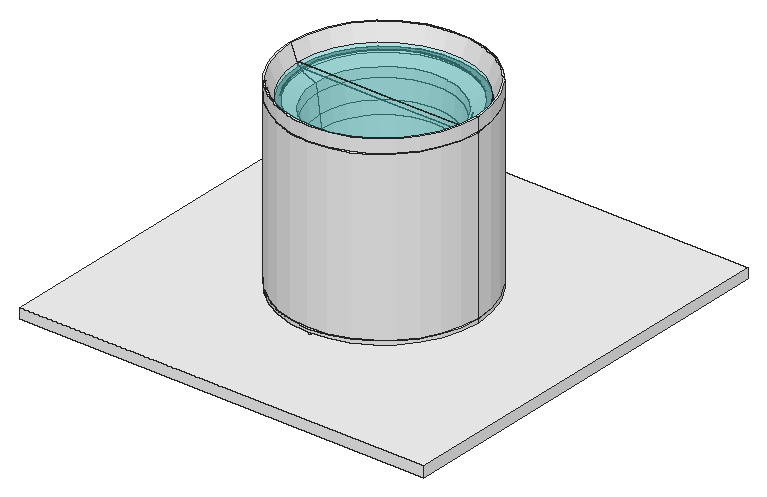
Revit family "BE_24624_de_DE", category Lighting Fixtures, host Face, Revit 2017
Family settings
  Host = Face
  Round Connector Dimension = Use Diameter
  Part Type = Normal
  Cut with Voids When Loaded = Yes
  Light Source = Yes
  Shared = No
  Room Calculation Point = Yes
Parameters (values of type "BEGA_24624_Weiß_K4")
  built-in parameter 1150104 = 17.176 (stored number, unit not read)
  Wattage = 17.2 W
  Default Elevation = 0 mm
  built-in parameter 1150113 = 1 (stored number, unit not read)
  built-in parameter 1114218 = 1 (stored number, unit not read)
  Umgebungstemperatur = "25 °C"
  URL = "https://www.bega.com/de/produkt/24624"
  Type Comments = "© 2021 BEGA. Wir behalten uns das Recht vor, technische Änderungen ohne vorherige Ankündigung vorzunehmen."  # constant formula
  built-in parameter 1150134 = 12
  built-in parameter 1150109 = 1 (stored number, unit not read)
  Strom = ""
  built-in parameter 1150110 = 1 (stored number, unit not read)
  Spannung = 239.996 V
  Sonderanfertigung = no
  Seriennummer [instance] = "Hier können Sie die eindeutige Seriennummer für das Facility Management eintragen."
  Schutzklasse = "I"
  Schutzart = "IP 65"
  Apparent Load = 0 VA
  Produktdatenblatt = "http://www.bega.de/download/Xrfa/db/24624.db.de.pdf"
  Oberflächentemperatur = ""
  Tilt Angle = 0.00°
  Model = "24624WK4"
  Material_18 = BEGA_Gummi_schwarz
  Material_17 = BEGA_Reflektor
  Material_15 = BEGA_Leuchtmedium_matt
  Material_13 = BEGA_Kunststoff_matt
  Material_09 = BEGA_Glas_klar
  Material_06 = BEGA_Oberfläche_Edelstahl_gebürstet
  Material_03 = BEGA_Oberfläche_Weiss_matt
  Material_01 [instance] = BEGA_Oberfläche_Grafit_matt
  M_W = yes
  M_G = no
  M_A = no
  Logo = 0
  built-in parameter 1114217 = 1 (stored number, unit not read)
  built-in parameter 1150139 = (empty or 0)
  built-in parameter 1150105 = 253.05 (stored number, unit not read)
  built-in parameter 1150114 = 1 (stored number, unit not read)
  Lumens = 3179.94 lm
  built-in parameter 1150115 = 1 (stored number, unit not read)
  Leuchtenlichtstrom = "2262 lm"
  Leuchtenanzahl = ""
  Lebensdauerkriterien = "L70B50 @ 25 °C = 200000 h"
  Lastklassifizierung = Beleuchtung
  built-in parameter 1150112 = 1 (stored number, unit not read)
  Lampenlichtstrom = "3180 lm"
  Lamp = "LED 17.2 W"
  LED_Modulbezeichnung = "LED-0785/840"
  built-in parameter 1150142 = (empty or 0)
  Manufacturer = "BEGA"  # constant formula
  Halbstreuwinkel = ""
  Gewicht = "2.65 kg"
  Gebrauchslageneinschränkung [instance] = ""
  Frequenz = "0/50-60 Hz"
  Farbwiedergabeindex = "CRI > 80"
  Dimming Lamp Color Temperature Shift = <None>
  Farbtemperatur = "4000 K"
  Color Filter = 16777215
  built-in parameter 1150133 = 10 (stored number, unit not read)
  Energieeffizienzklasse = "LED A++ - A"
  built-in parameter 1150137 = (empty or 0)
  built-in parameter 1150132 = (empty or 0)
  ENEC = ""
  Dimmbar [instance] = "DALI"
  Photometric Web File = "BE_24624K4.IES"
  CE_Konformität = "ja"
  Bestellnummer = "24624WK4"
  Beschreibung_Sonderanfertigung = "Hier können Sie Informationen zur Sonderanfertigung eintragen."
  Description = "Deckenaufbau-Tiefstrahler"
  built-in parameter 1150106 = 2.5305 (stored number, unit not read)
  Befestigungsbohrung = "Ø 4,3 mm"
  Befestigungsabstand = "160 mm"
  Ballwurfsicher = ""
  BEGA_Intern_aus = yes
  BEGA_Intern_an = yes
  BEGA_Intern_Konstruktion = yes
  BEGA_Intern = yes
  BEGA_IES = yes
  BEGA_Dummy = no
  Anschlussleitung = ""
  Anschlussleistung [instance] = "18.8 W"
  built-in parameter 1150107 = 4000 (stored number, unit not read)
  built-in parameter 1150102 = (empty or 0)
  built-in parameter 1150138 = (empty or 0)
  Aktualisierung = "2021-07-13T04:00:13"
  Abstand_zur_angestrahlten_Fläche [instance] = ""
  AC/DC = "AC/DC"
Types (4, lengths in mm): name | built-in parameter 1150104 | built-in parameter 1150134 | Model | M_W | M_G | built-in parameter 1150105 | Lumens | Leuchtenlichtstrom | Lampenlichtstrom | LED_Modulbezeichnung | Farbtemperatur | Photometric Web File | Bestellnummer | built-in parameter 1150106 | built-in parameter 1150107
  BEGA_24624_Weiß_K4 | 17.176 (stored number, unit not read) | 12 | "24624WK4" | yes | no | 253.05 (stored number, unit not read) | 3179.94 lm | "2262 lm" | "3180 lm" | "LED-0785/840" | "4000 K" | "BE_24624K4.IES" | "24624WK4" | 2.5305 (stored number, unit not read) | 4000 (stored number, unit not read)
  BEGA_24624_Grafit_K4 | 17.176 (stored number, unit not read) | 12 | "24624K4" | no | yes | 253.05 (stored number, unit not read) | 3179.94 lm | "2262 lm" | "3180 lm" | "LED-0785/840" | "4000 K" | "BE_24624K4.IES" | "24624K4" | 2.5305 (stored number, unit not read) | 4000 (stored number, unit not read)
  BEGA_24624_Weiß_K3 | 16.744 (stored number, unit not read) | (empty or 0) | "24624WK3" | yes | no | 246.69 (stored number, unit not read) | 3099.96 lm | "2205 lm" | "3100 lm" | "LED-0785/830" | "3000 K" | "BE_24624K3.IES" | "24624WK3" | 2.4669 (stored number, unit not read) | 3000 (stored number, unit not read)
  BEGA_24624_Grafit_K3 | 16.744 (stored number, unit not read) | (empty or 0) | "24624K3" | no | yes | 246.69 (stored number, unit not read) | 3099.96 lm | "2205 lm" | "3100 lm" | "LED-0785/830" | "3000 K" | "BE_24624K3.IES" | "24624K3" | 2.4669 (stored number, unit not read) | 3000 (stored number, unit not read)
Reference planes
  plane 1 "Mitte (Vorne/Hinten)": y = 0
  plane 2: z = 0
  plane 3 "Mitte (Links/Rechts)": x = 0
  plane 4 "Links": x = -93.494
  plane 5 "Rechts": x = 93.51
  plane 6 "Unten": y = -93.509
  plane 7 "Oben": y = 93.496
  plane 8 "Vorne": z = 184.4
  plane 9 "Hinten": z = 0
Forms (mm)
  Extrusion 1, solid, material "BEGA_Platte_Weiss"
    sketch origin (0, -1119.2, 0) x (1, 0, 0) y (0, 1, 0)
      loop
        line (-200, 1319.2) -> (-200, 919.2) -> (200, 919.2) -> (200, 1319.2) -> (-200, 1319.2)
    from 0 to -10
  Extrusion 2, solid, material "BEGA_Dummy_matt", visible <- "BEGA_Dummy"
    sketch origin (77.149, -76.023, 0) x (1, 0, 0) y (0, 1, 0)
      loop
        circle (-77.149, 76.023) r 93.555
    from 0 to 184.4
Dimensions and locks
  plane 1 "Mitte (Vorne/Hinten)" to Extrusion 1 = 200 mm
  aligned and locked: Extrusion 1 to plane 2
  aligned and locked: level to Extrusion 1
Nested families
  nested 1: "BE_24624" at (0, -30.348, 0), type "BE_24624"
Connectors
  electrical at (0, 0, 0), driven by "Lastklassifizierung", driven by "Spannung", driven by "Apparent Load"
    settings: index 1, voltage 239.996 V, apparent load 0 VA, apparent load phase1 0 VA, apparent load phase2 0 VA, apparent load phase3 0 VA, power factor 1, load classification "Beleuchtung", number of poles 1, system type 31, power factor state 1, is connector primary yes, connector utility no, sub classification motor no, connector description ""
Definition of nested family "BE_24624"
  Parameters (values of type "BE_24624")
    Material_18 = none
    Default Elevation = 1 mm
    URL = "http://www.bega.de/de/produkt"
    Type Comments = "© 2015 BEGA. Wir behalten uns das Recht vor, technische Änderungen ohne vorherige Ankündigung vorzunehmen. "  # constant formula
    Type Image = (empty or 0)
    Neigungswinkel_um_Z2 = 0.00°
    Neigungswinkel_um_Z1 = 0.00°
    Neigungswinkel_um_Y2 = 0.00°
    Neigungswinkel_um_Y1 = 0.00°
    Neigungswinkel_um_X2 = 0.00°
    Neigungswinkel_um_X1 = 0.00°
    Material_17 = none
    Material_15 = none
    Material_13 = none
    Material_11 = none
    Material_09 = none
    Material_06 = none
    Material_03 = none
    Material_02 = none
    Material_01 = none
    M_W = no
    M_G = yes
    M_A = no
    Länge_Platte = 200 mm  # constant formula
    Höhe_Platte = -10 mm  # constant formula
    Manufacturer = "BEGA"  # constant formula
    Drehwinkel_um_Z2 = 0.00°
    Drehwinkel_um_Z1 = 0.00°
    Breite_Platte = 200 mm  # constant formula
  Reference planes
    plane 1 "Mitte (Oben/Unten)": y = 30.348
    plane 2: z = 0
    plane 3 "Mitte (Links/Rechts)": x = 0
    plane 4 "Hinten": z = 0
    plane 5 "Links": x = -93.494
    plane 6 "Rechts": x = 93.51
    plane 7 "Unten": y = -63.161
    plane 8: z = 184.4
    plane 9: y = 123.844
  Forms (mm)
    Extrusion 1, solid, detail levels medium
      sketch origin (0, 0, 0) x (1, 0, 0) y (0, 1, 0)
        loop
          line (-100, 130.348) -> (-100, -69.652) -> (100, -69.652) -> (100, 130.348) -> (-100, 130.348)
      from 0 to -10 <- "Höhe_Platte"
    Revolve 2, solid, material <- "Material_01", visible <- "M_G"
      sketch origin (0, 30.348, 0) x (1, 0, 0) y (0, 0, 1)
        loop
          line (-93.5, 184.4) -> (-93.5, 171.4) -> (-90.5, 171.4) -> (-90.5, 157.9) -> (-86.309, 157.9) -> (-86.309, 163.4) -> (-81, 163.4) -> (-81, 165.9) -> (-84.806, 165.9) -> (-92, 184.4) -> (-93.5, 184.4)
        axis (0, 184.4) -> (0, 157.9)
      angle from 0 to 360
    Revolve 3, solid, material <- "Material_09"
      sketch origin (0, 30.348, 0) x (1, 0, 0) y (0, 0, 1)
        loop
          line (-84.5, 170) -> (-84.5, 165.9) -> (0, 165.9) -> (0, 170) -> (-84.5, 170)
        axis (0, 170) -> (0, 165.9)
      angle from 0 to 360
    Revolve 4, solid, material <- "Material_17"
      sketch origin (0, 30.348, 0) x (1, 0, 0) y (0, 0, 1)
        loop
          line (-67.298, 158.081) -> (-81.5, 163.25) -> (-84.993, 163.25) -> (-84.993, 161.45) -> (-81.5, 161.45) -> (-68.952, 156.883) -> (-65.975, 135.054) -> (-64.388, 123.512)
          arc (-64.388, 123.512) -> (-61.788, 104.602) -> (-58.436, 85.811) r 478.951
          arc (-58.436, 85.811) -> (-56.044, 81.798) -> (-52.313, 78.984) r 12.149
          arc (-52.313, 78.984) -> (-46.14, 76.318) -> (-39.854, 73.925) r 152.874
          line (-39.854, 73.925) -> (-33.098, 73.452) -> (-29.03, 73.452) -> (-29.03, 75.254) -> (-33.052, 75.254) -> (-39.457, 75.702)
          arc (-39.457, 75.702) -> (-45.725, 78.152) -> (-51.819, 81.006) r 103.102
          arc (-51.819, 81.006) -> (-56.463, 86.082) -> (-56.637, 92.96) r 9.82
          arc (-56.637, 92.96) -> (-59.551, 105.872) -> (-61.93, 118.894) r 320.512
          line (-61.93, 118.894) -> (-63.611, 131.069) -> (-66.107, 149.331) -> (-67.298, 158.081)
        axis (0, 163.25) -> (0, 73.452)
      angle from 0 to 360
    Revolve 5, solid, material <- "Material_13"
      sketch origin (0, 30.348, 0) x (1, 0, 0) y (0, 0, 1)
        loop
          line (-30, 101.169) -> (-30.905, 75.25) -> (-28, 75.25) -> (-27.162, 99.25) -> (0, 99.25) -> (0, 103.646) -> (-2.845, 103.646) -> (-4.195, 103.562) -> (-27.008, 101.749) -> (-30, 101.169)
        axis (0, 103.646) -> (0, 75.25)
      angle from 0 to 360
    Revolve 6, solid, material <- "Material_01", visible <- "M_G"
      sketch origin (0, 30.348, 0) x (1, 0, 0) y (0, 0, 1)
        loop
          line (-93.5, 170.4) -> (-93.5, 6) -> (-91.5, 6) -> (-91.5, 170.4) -> (-93.5, 170.4)
        axis (0, 170.4) -> (0, 6)
      angle from 0 to 360
    Revolve 7, solid, material <- "Material_01", visible <- "M_G"
      sketch origin (-80, 30.348, 0) x (1, 0, 0) y (0, 0, 1)
        loop
          line (-7.948, 20) -> (-7.25, 0) -> (0, 0) -> (0, 20) -> (-7.948, 20)
        axis (0, 20) -> (0, 0)
      angle from 0 to 360
    Revolve 8, solid, material <- "Material_01", visible <- "M_G"
      sketch origin (80, 30.348, 0) x (1, 0, 0) y (0, 0, 1)
        loop
          line (-7.948, 20) -> (-7.25, 0) -> (0, 0) -> (0, 20) -> (-7.948, 20)
        axis (0, 20) -> (0, 0)
      angle from 0 to 360
    Revolve 9, void
      sketch origin (-80, 30.348, 0) x (1, 0, 0) y (0, 0, 1)
        loop
          line (0, 50) -> (-2.441, 50) -> (-2.441, -6.32) -> (0, -6.32) -> (0, 50)
        axis (0, 50) -> (0, -6.32)
      angle from 0 to 360
    Revolve 10, void
      sketch origin (80, 30.348, 0) x (1, 0, 0) y (0, 0, 1)
        loop
          line (0, 50.705) -> (0, -12.616) -> (2.373, -12.616) -> (2.373, 50.705) -> (0, 50.705)
        axis (0, 50.705) -> (0, -12.616)
      angle from 0 to 360
    Revolve 11, solid, material <- "Material_03", visible <- "M_W"
      sketch origin (0, 30.348, 0) x (1, 0, 0) y (0, 0, 1)
        loop
          line (-93.5, 184.4) -> (-93.5, 171.4) -> (-90.5, 171.4) -> (-90.5, 157.9) -> (-86.309, 157.9) -> (-86.309, 163.4) -> (-81, 163.4) -> (-81, 165.9) -> (-84.806, 165.9) -> (-92, 184.4) -> (-93.5, 184.4)
        axis (0, 184.4) -> (0, 157.9)
      angle from 0 to 360
    Revolve 12, solid, material <- "Material_03", visible <- "M_W"
      sketch origin (0, 30.348, 0) x (1, 0, 0) y (0, 0, 1)
        loop
          line (-93.5, 170.4) -> (-93.5, 6) -> (-91.5, 6) -> (-91.5, 170.4) -> (-93.5, 170.4)
        axis (0, 170.4) -> (0, 6)
      angle from 0 to 360
    Revolve 13, solid, material <- "Material_03", visible <- "M_W"
      sketch origin (0, 30.348, 0) x (1, 0, 0) y (0, 0, 1)
        loop
          line (-93.5, 5) -> (-93.5, 2) -> (-87.096, 2) -> (-87.096, 20) -> (0, 20) -> (0, 23) -> (-90.5, 23) -> (-90.5, 5) -> (-93.5, 5)
        axis (0, 23) -> (0, 2)
      angle from 0 to 360
    Revolve 14, solid, material <- "Material_03", visible <- "M_W"
      sketch origin (-80, 30.348, 0) x (1, 0, 0) y (0, 0, 1)
        loop
          line (-7.948, 20) -> (-7.25, 0) -> (0, 0) -> (0, 20) -> (-7.948, 20)
        axis (0, 20) -> (0, 0)
      angle from 0 to 360
    Revolve 15, solid, material <- "Material_03", visible <- "M_W"
      sketch origin (80, 30.348, 0) x (1, 0, 0) y (0, 0, 1)
        loop
          line (-7.948, 20) -> (-7.25, 0) -> (0, 0) -> (0, 20) -> (-7.948, 20)
        axis (0, 20) -> (0, 0)
      angle from 0 to 360
    Revolve 16, solid, material <- "Material_01", visible <- "M_G"
      sketch origin (0, 30.348, 0) x (0, -1, 0) y (0, 0, 1)
        loop
          line (-90.5, 0) -> (-90.5, 1.978) -> (-92.284, 1.978) -> (-92.284, 0) -> (-90.5, 0)
        axis (-90.5, 0) -> (-90.5, 1.978)
      angle from 0 to 360
    Revolve 17, solid, material <- "Material_01", visible <- "M_G"
      sketch origin (0, -1.467, -0.001) x (0, 1, 0) y (0, 0, -1)
        loop
          line (-58.661, 0) -> (-60.445, 0) -> (-60.445, -1.978) -> (-58.661, -1.978) -> (-58.661, 0)
        axis (-58.661, 0) -> (-58.661, -1.978)
      angle from 0 to 360
    Revolve 18, solid, material <- "Material_01", visible <- "M_G"
      sketch origin (0, 30.348, 0) x (1, 0, 0) y (0, 0, 1)
        loop
          line (-93.5, 5) -> (-93.5, 2) -> (-87.096, 2) -> (-87.096, 20) -> (0, 20) -> (0, 23) -> (-90.5, 23) -> (-90.5, 5) -> (-93.5, 5)
        axis (0, 23) -> (0, 2)
      angle from 0 to 360
    Revolve 19, solid, material <- "Material_03", visible <- "M_W"
      sketch origin (0, -1.471, 0.011) x (0, 1, 0) y (0, 0, -1)
        loop
          line (-58.661, 0) -> (-60.445, 0) -> (-60.445, -1.978) -> (-58.661, -1.978) -> (-58.661, 0)
        axis (-58.661, 0) -> (-58.661, -1.978)
      angle from 0 to 360
    Revolve 20, solid, material <- "Material_03", visible <- "M_W"
      sketch origin (0, 30.348, 0) x (0, -1, 0) y (0, 0, 1)
        loop
          line (-90.5, -0.045) -> (-90.5, 1.978) -> (-92.284, 1.978) -> (-92.284, -0.045) -> (-90.5, -0.045)
        axis (-90.5, -0.045) -> (-90.5, 1.978)
      angle from 0 to 360
    Extrusion 21, solid, material <- "Material_18"
      sketch origin (0, 0, 0) x (1, 0, 0) y (0, 1, 0)
        loop
          circle (20, 95.348) r 9.944
        loop
          circle (-20, 95.348) r 9.944
      from 18.853 to 26.971
    Revolve 22, solid, material <- "Material_01"
      sketch origin (0, 30.348, 0) x (1, 0, 0) y (0, 0, 1)
        loop
          line (-84.5, 165.9) -> (-79.956, 165.9) -> (-79.956, 166.7) -> (-84.5, 166.7) -> (-84.5, 165.9)
        axis (0, 166.7) -> (0, 165.7)
      angle from 0 to 360
  Cuts and joins
    Revolve 9 cuts Revolve 7
    Revolve 10 cuts Revolve 8
    Revolve 9 cuts Revolve 14
    Revolve 10 cuts Revolve 15
    Revolve 9, Revolve 10 cuts Revolve 18
    Revolve 9 cuts Revolve 13
  Dimensions and locks
    equal spacing: Extrusion 1 sketch curve, plane 3 "Mitte (Links/Rechts)", Extrusion 1 sketch curve
    equal spacing: Extrusion 1 sketch curve, plane 1 "Mitte (Oben/Unten)", Extrusion 1 sketch curve
    "Länge_Platte": Extrusion 1 sketch curve to Extrusion 1 sketch curve
    "Breite_Platte": Extrusion 1 sketch curve to Extrusion 1 sketch curve
    aligned and locked: Extrusion 1 to plane 2
    aligned and locked: level to Extrusion 1
  Automatic sketch dimensions
    Revolve 2 sketch curve to plane 8 = 0 mm
    plane 3 "Mitte (Links/Rechts)" to Revolve 2 sketch curve = 0 mm
    plane 5 "Links" to Revolve 2 sketch curve = 12.494 mm
    Revolve 2 sketch curve to Revolve 2 sketch curve = 3.806 mm
    Revolve 2 sketch curve to Revolve 2 sketch curve = 1.504 mm
    plane 5 "Links" to Revolve 2 sketch curve = 2.994 mm
    plane 5 "Links" to Revolve 2 sketch curve = 1.494 mm
    Revolve 2 sketch curve to plane 5 "Links" = 0.006 mm
    Revolve 2 sketch curve to plane 8 = 13 mm
    Revolve 2 sketch curve to Revolve 2 sketch curve = 5.5 mm  (x2)
    Revolve 2 sketch curve to Revolve 2 sketch curve = 2.5 mm
    Revolve 2 sketch curve to level = 174.158 mm
    plane 8 to Revolve 2 sketch curve = 221.032 mm
    Revolve 3 sketch curve to plane 3 "Mitte (Links/Rechts)" = 0 mm  (x2)
    plane 5 "Links" to Revolve 3 sketch curve = 8.994 mm
    Revolve 3 sketch curve to plane 8 = 18.5 mm
    Revolve 3 sketch curve to Revolve 3 sketch curve = 4.1 mm
    Revolve 3 sketch curve to level = 174.158 mm
    plane 8 to Revolve 3 sketch curve = 221.032 mm
    plane 3 "Mitte (Links/Rechts)" to Revolve 4 sketch curve = 0 mm
    Revolve 4 sketch curve to plane 3 "Mitte (Links/Rechts)" = 5.07 mm
    Revolve 4 sketch curve to plane 3 "Mitte (Links/Rechts)" = 29.03 mm
    Revolve 4 sketch curve to Revolve 4 sketch curve = 4.022 mm
    Revolve 4 sketch curve to Revolve 4 sketch curve = 0.045 mm
    Revolve 4 sketch curve to Revolve 4 sketch curve = 6.405 mm
    Revolve 4 sketch curve to Revolve 4 sketch curve = 0.397 mm
    Revolve 4 sketch curve to Revolve 4 sketch curve = 7.542 mm
    Revolve 4 sketch curve to Revolve 4 sketch curve = 0.356 mm
    plane 5 "Links" to Revolve 4 sketch curve = 31.563 mm
    Revolve 4 sketch curve to Revolve 4 sketch curve = 2.458 mm
    plane 5 "Links" to Revolve 4 sketch curve = 26.196 mm
    Revolve 4 sketch curve to Revolve 4 sketch curve = 1.654 mm
    plane 5 "Links" to Revolve 4 sketch curve = 11.994 mm
    Revolve 4 sketch curve to Revolve 4 sketch curve = 0 mm  (x7)
    Revolve 4 sketch curve to Revolve 4 sketch curve = 3.493 mm
    plane 3 "Mitte (Links/Rechts)" to Revolve 4 sketch curve = 11.377 mm
    Revolve 4 sketch curve to plane 8 = 14.433 mm
    plane 6 "Rechts" to Revolve 4 sketch curve = 160.976 mm
    Revolve 4 sketch curve to plane 8 = 5.118 mm
    Revolve 4 sketch curve to Revolve 4 sketch curve = 156.819 mm
    Revolve 4 sketch curve to plane 8 = 21.15 mm
    Revolve 4 sketch curve to Revolve 4 sketch curve = 1.8 mm
    Revolve 4 sketch curve to Revolve 4 sketch curve = 3.369 mm
    Revolve 4 sketch curve to Revolve 4 sketch curve = 1.198 mm
    Revolve 4 sketch curve to Revolve 4 sketch curve = 33.371 mm
    Revolve 4 sketch curve to Revolve 4 sketch curve = 4.618 mm
    Revolve 4 sketch curve to Revolve 4 sketch curve = 28.984 mm
    Revolve 4 sketch curve to Revolve 4 sketch curve = 0.157 mm
    Revolve 4 sketch curve to Revolve 4 sketch curve = 14.208 mm
    Revolve 4 sketch curve to Revolve 4 sketch curve = 0.448 mm
    Revolve 4 sketch curve to Revolve 4 sketch curve = 1.777 mm
    Revolve 4 sketch curve to Revolve 4 sketch curve = 1.801 mm
    Revolve 4 sketch curve to plane 8 = 11.5 mm
    plane 8 to Revolve 4 sketch curve = 33.558 mm
    Revolve 4 sketch curve to Revolve 4 sketch curve = 4.464 mm
    Revolve 4 sketch curve to Revolve 4 sketch curve = 0.495 mm
    Revolve 4 sketch curve to Revolve 4 sketch curve = 0.776 mm
    Revolve 4 sketch curve to Revolve 4 sketch curve = 2.363 mm
    Revolve 4 sketch curve to Revolve 4 sketch curve = 2.844 mm
    Revolve 4 sketch curve to Revolve 4 sketch curve = 7.552 mm
    Revolve 4 sketch curve to Revolve 4 sketch curve = 11.542 mm
    Revolve 4 sketch curve to Revolve 4 sketch curve = 3.985 mm
    Revolve 4 sketch curve to level = 174.158 mm
    Revolve 4 sketch curve to Revolve 4 sketch curve = 192.155 mm
    Revolve 5 sketch curve to plane 3 "Mitte (Links/Rechts)" = 0 mm  (x2)
    Revolve 5 sketch curve to Revolve 5 sketch curve = 2.845 mm
    Revolve 5 sketch curve to Revolve 5 sketch curve = 1.35 mm
    Revolve 5 sketch curve to Revolve 5 sketch curve = 22.813 mm
    Revolve 5 sketch curve to Revolve 5 sketch curve = 0.154 mm
    Revolve 5 sketch curve to Revolve 5 sketch curve = 0.838 mm
    Revolve 5 sketch curve to Revolve 5 sketch curve = 2.992 mm
    Revolve 5 sketch curve to Revolve 5 sketch curve = 2.905 mm
    level to Revolve 5 sketch curve = 75.25 mm
    Revolve 5 sketch curve to Revolve 5 sketch curve = 24 mm
    Revolve 5 sketch curve to Revolve 5 sketch curve = 1.919 mm
    Revolve 5 sketch curve to Revolve 5 sketch curve = 2.499 mm
    Revolve 5 sketch curve to Revolve 5 sketch curve = 4.312 mm
    Revolve 5 sketch curve to Revolve 5 sketch curve = 0.084 mm
    Revolve 5 sketch curve to level = 271.158 mm
    plane 8 to Revolve 5 sketch curve = 224.032 mm
    plane 3 "Mitte (Links/Rechts)" to Revolve 6 sketch curve = 0 mm
    plane 5 "Links" to Revolve 6 sketch curve = 1.994 mm
    Revolve 6 sketch curve to plane 5 "Links" = 0.006 mm
    level to Revolve 6 sketch curve = 6 mm
    Revolve 6 sketch curve to plane 8 = 14 mm
    Revolve 6 sketch curve to level = 174.158 mm
    plane 8 to Revolve 6 sketch curve = 221.032 mm
    Revolve 7 sketch curve to level = 0 mm
    plane 5 "Links" to Revolve 7 sketch curve = 5.545 mm
    plane 5 "Links" to Revolve 7 sketch curve = 6.244 mm
    Revolve 7 sketch curve to Revolve 7 sketch curve = 7.25 mm
    level to Revolve 7 sketch curve = 20 mm
    plane 5 "Links" to Revolve 7 sketch curve = 13.494 mm
    Revolve 7 sketch curve to Revolve 7 sketch curve = 271.158 mm
    plane 8 to Revolve 7 sketch curve = 224.032 mm
    Revolve 8 sketch curve to level = 0 mm
    Revolve 8 sketch curve to plane 6 "Rechts" = 21.459 mm
    Revolve 8 sketch curve to Revolve 8 sketch curve = 0.698 mm
    Revolve 8 sketch curve to Revolve 8 sketch curve = 7.25 mm
    level to Revolve 8 sketch curve = 20 mm
    Revolve 8 sketch curve to plane 6 "Rechts" = 13.51 mm
    Revolve 8 sketch curve to Revolve 8 sketch curve = 271.158 mm
    plane 8 to Revolve 8 sketch curve = 224.032 mm
    plane 5 "Links" to Revolve 9 sketch curve = 11.052 mm
    Revolve 9 sketch curve to Revolve 9 sketch curve = 2.441 mm
    Revolve 9 sketch curve to level = 6.32 mm
    level to Revolve 9 sketch curve = 50 mm
    plane 5 "Links" to Revolve 9 sketch curve = 13.494 mm
    Revolve 9 sketch curve to Revolve 9 sketch curve = 264.837 mm
    plane 8 to Revolve 9 sketch curve = 224.032 mm
    Revolve 10 sketch curve to plane 6 "Rechts" = 13.51 mm  (x2)
    Revolve 10 sketch curve to Revolve 10 sketch curve = 2.373 mm
    Revolve 10 sketch curve to level = 12.616 mm
    level to Revolve 10 sketch curve = 50.705 mm
    Revolve 10 sketch curve to Revolve 10 sketch curve = 258.542 mm
    plane 8 to Revolve 10 sketch curve = 224.032 mm
    Revolve 11 sketch curve to plane 8 = 0 mm
    plane 3 "Mitte (Links/Rechts)" to Revolve 11 sketch curve = 0 mm
    plane 5 "Links" to Revolve 11 sketch curve = 12.494 mm
    Revolve 11 sketch curve to Revolve 11 sketch curve = 3.806 mm
    Revolve 11 sketch curve to Revolve 11 sketch curve = 1.504 mm
    plane 5 "Links" to Revolve 11 sketch curve = 2.994 mm
    plane 5 "Links" to Revolve 11 sketch curve = 1.494 mm
    Revolve 11 sketch curve to plane 5 "Links" = 0.006 mm
    Revolve 11 sketch curve to plane 8 = 13 mm
    Revolve 11 sketch curve to Revolve 11 sketch curve = 5.5 mm  (x2)
    Revolve 11 sketch curve to Revolve 11 sketch curve = 2.5 mm
    Revolve 11 sketch curve to level = 174.158 mm
    plane 8 to Revolve 11 sketch curve = 221.032 mm
    plane 3 "Mitte (Links/Rechts)" to Revolve 12 sketch curve = 0 mm
    plane 5 "Links" to Revolve 12 sketch curve = 1.994 mm
    Revolve 12 sketch curve to plane 5 "Links" = 0.006 mm
    level to Revolve 12 sketch curve = 6 mm
    Revolve 12 sketch curve to plane 8 = 14 mm
    Revolve 12 sketch curve to level = 174.158 mm
    plane 8 to Revolve 12 sketch curve = 221.032 mm
    Revolve 13 sketch curve to plane 3 "Mitte (Links/Rechts)" = 0 mm  (x2)
    plane 5 "Links" to Revolve 13 sketch curve = 6.397 mm
    plane 5 "Links" to Revolve 13 sketch curve = 2.994 mm
    Revolve 13 sketch curve to plane 5 "Links" = 0.006 mm
    level to Revolve 13 sketch curve = 2 mm
    Revolve 13 sketch curve to Revolve 13 sketch curve = 3 mm  (x2)
    level to Revolve 13 sketch curve = 20 mm
    Revolve 13 sketch curve to level = 174.158 mm
    plane 8 to Revolve 13 sketch curve = 221.032 mm
    Revolve 14 sketch curve to level = 0 mm
    plane 5 "Links" to Revolve 14 sketch curve = 5.545 mm
    plane 5 "Links" to Revolve 14 sketch curve = 6.244 mm
    Revolve 14 sketch curve to Revolve 14 sketch curve = 7.25 mm
    level to Revolve 14 sketch curve = 20 mm
    plane 5 "Links" to Revolve 14 sketch curve = 13.494 mm
    Revolve 14 sketch curve to Revolve 14 sketch curve = 174.158 mm
    plane 8 to Revolve 14 sketch curve = 221.032 mm
    Revolve 15 sketch curve to level = 0 mm
    Revolve 15 sketch curve to plane 6 "Rechts" = 21.459 mm
    Revolve 15 sketch curve to Revolve 15 sketch curve = 0.698 mm
    Revolve 15 sketch curve to Revolve 15 sketch curve = 7.25 mm
    level to Revolve 15 sketch curve = 20 mm
    Revolve 15 sketch curve to plane 6 "Rechts" = 13.51 mm
    Revolve 15 sketch curve to Revolve 15 sketch curve = 174.158 mm
    plane 8 to Revolve 15 sketch curve = 221.032 mm
    level to Revolve 16 sketch curve = 0 mm
    Revolve 16 sketch curve to Revolve 16 sketch curve = 1.784 mm
    Revolve 16 sketch curve to Revolve 16 sketch curve = 1.978 mm
    Revolve 16 sketch curve to Revolve 16 sketch curve = 0 mm
    Revolve 16 sketch curve to level = 2 mm
    Revolve 16 sketch curve to Revolve 16 sketch curve = 2.022 mm
    Revolve 17 sketch curve to level = 0.001 mm
    plane 7 "Unten" to Revolve 17 sketch curve = 1.249 mm
    Revolve 17 sketch curve to Revolve 17 sketch curve = 1.784 mm
    Revolve 17 sketch curve to Revolve 17 sketch curve = 1.978 mm
    Revolve 17 sketch curve to Revolve 17 sketch curve = 0 mm
    Revolve 17 sketch curve to Revolve 17 sketch curve = 2.022 mm
    Revolve 17 sketch curve to level = 2.001 mm
    Revolve 18 sketch curve to plane 3 "Mitte (Links/Rechts)" = 0 mm  (x2)
    plane 5 "Links" to Revolve 18 sketch curve = 6.397 mm
    plane 5 "Links" to Revolve 18 sketch curve = 2.994 mm
    Revolve 18 sketch curve to plane 5 "Links" = 0.006 mm
    level to Revolve 18 sketch curve = 2 mm
    Revolve 18 sketch curve to Revolve 18 sketch curve = 3 mm  (x2)
    level to Revolve 18 sketch curve = 20 mm
    Revolve 18 sketch curve to level = 174.158 mm
    plane 8 to Revolve 18 sketch curve = 221.032 mm
    level to Revolve 19 sketch curve = 0.011 mm
    plane 7 "Unten" to Revolve 19 sketch curve = 1.246 mm
    Revolve 19 sketch curve to Revolve 19 sketch curve = 1.784 mm
    Revolve 19 sketch curve to Revolve 19 sketch curve = 1.978 mm
    Revolve 19 sketch curve to Revolve 19 sketch curve = 0 mm
    Revolve 19 sketch curve to Revolve 19 sketch curve = 2.022 mm
    Revolve 19 sketch curve to level = 1.989 mm
    Revolve 20 sketch curve to level = 0.045 mm
    Revolve 20 sketch curve to Revolve 20 sketch curve = 1.784 mm
    Revolve 20 sketch curve to Revolve 20 sketch curve = 2.023 mm
    Revolve 20 sketch curve to Revolve 20 sketch curve = 0 mm
    Revolve 20 sketch curve to level = 2 mm
    Revolve 20 sketch curve to Revolve 20 sketch curve = 2.022 mm
    Revolve 16 sketch curve to plane 1 "Mitte (Oben/Unten)" = 92.283 mm
    Revolve 20 sketch curve to plane 1 "Mitte (Oben/Unten)" = 92.283 mm
    Extrusion 21 sketch curve to plane 3 "Mitte (Links/Rechts)" = 20 mm
    plane 3 "Mitte (Links/Rechts)" to Extrusion 21 sketch curve = 20 mm
    Extrusion 21 sketch curve to plane 9 = 28.496 mm  (x2)
    Revolve 22 sketch curve to plane 3 "Mitte (Links/Rechts)" = 0 mm
    plane 5 "Links" to Revolve 22 sketch curve = 13.537 mm
    Revolve 22 sketch curve to Revolve 22 sketch curve = 4.544 mm
    Revolve 22 sketch curve to plane 8 = 18.5 mm
    Revolve 22 sketch curve to Revolve 22 sketch curve = 0.8 mm
    Revolve 22 sketch curve to plane 8 = 38.023 mm
    Revolve 22 sketch curve to plane 8 = 6.706 mm
    radius of Extrusion 21 sketch curve = 9.944 mm  (x2)
